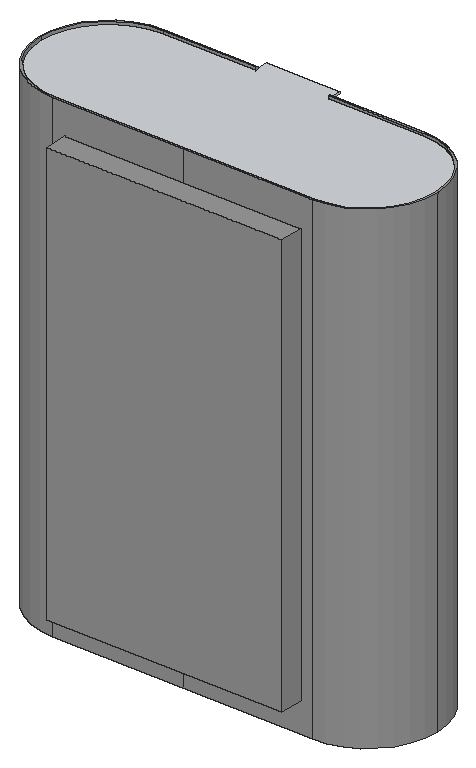
Revit family "3310 Bj+Ârk_Sanitary bin", category Furniture Systems, host Wall, Revit 2018
Family settings
  Host = Wall
  Round Connector Dimension = Use Diameter
  Part Type = Normal
  Always vertical = Yes
  Cut with Voids When Loaded = No
  Shared = No
  Room Calculation Point = No
Parameters (values of type "BLACK")
  Surface Top = RAL FARVE
  Surface Frame = RAL FARVE
  Surface Bottom = RAL FARVE
  Open = no
  Offset from floor = 150 mm
  Closed = yes
Reference planes
  plane 1 "Wall": y = 0
  plane 2 "Center (Left/Right)": x = 125
  plane 3 "Back": y = 75
Text (mm)
  text "Placement Side" at (-1848.837, 1116.779, 0), in view "Ref. Level"
  text "Placement side" at (0, 1409.804, 2854.306), in view "Left"
  text "Placement side" at (0, 499.811, 2980.732), in view "Right"
Dimensions and locks
  locked: plane 3 "Back" to host wall
  "Offset from floor": nested 1 to level
  aligned and locked: plane 1 "Wall" to host wall
  aligned and locked: plane 3 "Back" to nested 1
Nested families
  nested 1: "Master Björk Sanitary bin" at (125, 151.5, 150) x (-1, 0, 0) z (0, 0, 1), type "Master Björk Sanitary bin"
    with Open no
Definition of nested family "Master Björk Sanitary bin"
  Parameters (values of type "Master Björk Sanitary bin")
    Surface Top = none
    Surface Frame = none
    Surface Bottom = none
    Open = yes
    Closed = yes
  Reference planes
    plane 1 "Center (Front/Back)": y = 0
    plane 2: z = 0
    plane 3 "Center (Left/Right)": x = 0
  Dimensions and locks
    aligned and locked: level to plane 2
  Nested families
    nested 1: "Top - Bottom" at (0, 0, 0), visible <- "Closed", type "Top - Bottom"
    nested 2: "Frame" at (0, 0, 0), type "Frame"
    nested 3: "Top - Bottom Open" at (0, 0, 0), visible <- "Open", type "Top - Bottom Open"
  Definition of nested family "Top - Bottom"
    Parameters (values of type "Top - Bottom")
      Surface Frame = none
      Surface Bottom = none
    Reference planes
      plane 1 "Center (Front/Back)": y = 0
      plane 2: z = 0
      plane 3 "Center (Left/Right)": x = 0
    Forms (mm)
      Extrusion 1, solid, material <- "Surface Bottom"
        sketch origin (0, 129.723, 20) x (0, -1, 0) y (1, 0, 0)
          loop
            arc (73.723, -107.5) -> (90.125, -147.098) -> (129.723, -163.5) r 56
            arc (129.723, -163.5) -> (169.321, -147.098) -> (185.723, -107.5) r 56
            line (185.723, -107.5) -> (185.723, 107.5)
            arc (185.723, 107.5) -> (169.321, 147.098) -> (129.723, 163.5) r 56
            arc (129.723, 163.5) -> (90.125, 147.098) -> (73.723, 107.5) r 56
            line (73.723, 107.5) -> (73.723, -107.5)
        from 0 to 1.5
      Extrusion 2, solid
        sketch origin (0, 129.723, 396.5) x (0, -1, 0) y (1, 0, 0)
          loop
            arc (73.723, -107.5) -> (90.125, -147.098) -> (129.723, -163.5) r 56
            arc (129.723, -163.5) -> (169.321, -147.098) -> (185.723, -107.5) r 56
            line (185.723, -107.5) -> (185.723, -30) -> (197.223, -30) -> (197.223, 0) -> (197.223, 30) -> (185.723, 30) -> (185.723, 107.5)
            arc (185.723, 107.5) -> (169.321, 147.098) -> (129.723, 163.5) r 56
            arc (129.723, 163.5) -> (90.125, 147.098) -> (73.723, 107.5) r 56
            line (73.723, 107.5) -> (73.723, -107.5)
        from 0 to 1.5
    Lines and regions (mm)
      reference lines
        curve 1: line (0, 129.723, 396.5) -> (0, -190.277, 396.5)
        curve 2: line (0, 129.723, 20) -> (0, -150.277, 20)
    Dimensions and locks
      aligned and locked: level to plane 2
  Definition of nested family "Frame"
    Parameters (values of type "Frame")
      Surface Top = none
      Surface Frame = none
      Surface Bottom = none
    Reference planes
      plane 1 "Center (Front/Back)": y = 0
      plane 2: z = 0
      plane 3 "Center (Left/Right)": x = 0
    Forms (mm)
      Extrusion 1, solid, material <- "Surface Frame"
        sketch origin (0, 0, 0) x (1, 0, 0) y (0, 1, 0)
          loop
            line (0, 57.5) -> (-107.5, 57.5)
            arc (-107.5, 57.5) -> (-148.159, 40.659) -> (-165, 0) r 57.5
            arc (-165, 0) -> (-148.159, -40.659) -> (-107.5, -57.5) r 57.5
            line (-107.5, -57.5) -> (0, -57.5) -> (107.5, -57.5)
            arc (107.5, -57.5) -> (148.159, -40.659) -> (165, 0) r 57.5
            arc (165, 0) -> (148.159, 40.659) -> (107.5, 57.5) r 57.5
            line (107.5, 57.5) -> (0, 57.5)
          loop
            arc (-107.5, 56) -> (-147.098, 39.598) -> (-163.5, 0) r 56
            arc (-163.5, 0) -> (-147.098, -39.598) -> (-107.5, -56) r 56
            line (-107.5, -56) -> (107.5, -56)
            arc (107.5, -56) -> (147.098, -39.598) -> (163.5, 0) r 56
            arc (163.5, 0) -> (147.098, 39.598) -> (107.5, 56) r 56
            line (107.5, 56) -> (-107.5, 56)
        from 0 to 400
      Extrusion 2, solid, material <- "Surface Frame"
        sketch origin (0, 57.5, 0) x (-1, 0, 0) y (0, 0, 1)
          loop
            line (-97.5, 375) -> (-97.5, 25) -> (97.5, 25) -> (97.5, 375) -> (-97.5, 375)
        from 0 to 19
      Extrusion 3, void
        sketch origin (0, 0, 0) x (1, 0, 0) y (0, 1, 0)
          loop
            line (-30, -53.768) -> (-30, -68.768) -> (30, -68.768) -> (30, -53.768) -> (-30, -53.768)
        from 396.5 to 403.782
    Cuts and joins
      Extrusion 3 cuts Extrusion 1
    Dimensions and locks
      cut or joined group of Extrusion 1, Extrusion 3 to cut or joined group of Extrusion 1, Extrusion 3 = 3.5 mm
      aligned and locked: level to plane 2
  Definition of nested family "Top - Bottom Open"
    Parameters (values of type "Top - Bottom Open")
      Surface Frame = none
      Surface Bottom = none
    Reference planes
      plane 1 "Center (Front/Back)": y = 0
      plane 2: z = 0
      plane 3 "Center (Left/Right)": x = 0
    Forms (mm)
      Extrusion 1, solid, material <- "Surface Bottom"
        sketch origin (0, 129.723, 20) x (0, -1, 0) y (1, 0, 0)
          loop
            arc (73.723, -107.5) -> (90.125, -147.098) -> (129.723, -163.5) r 56
            arc (129.723, -163.5) -> (169.321, -147.098) -> (185.723, -107.5) r 56
            line (185.723, -107.5) -> (185.723, 107.5)
            arc (185.723, 107.5) -> (169.321, 147.098) -> (129.723, 163.5) r 56
            arc (129.723, 163.5) -> (90.125, 147.098) -> (73.723, 107.5) r 56
            line (73.723, 107.5) -> (73.723, -107.5)
        from 0 to 1.5
      Extrusion 2, solid
        sketch origin (0, 54.5, 324.277) x (0, 0, 1) y (1, 0, 0)
          loop
            arc (73.723, -107.5) -> (90.125, -147.098) -> (129.723, -163.5) r 56
            arc (129.723, -163.5) -> (169.321, -147.098) -> (185.723, -107.5) r 56
            line (185.723, -107.5) -> (185.723, -30) -> (197.223, -30) -> (197.223, 0) -> (197.223, 30) -> (185.723, 30) -> (185.723, 107.5)
            arc (185.723, 107.5) -> (169.321, 147.098) -> (129.723, 163.5) r 56
            arc (129.723, 163.5) -> (90.125, 147.098) -> (73.723, 107.5) r 56
            line (73.723, 107.5) -> (73.723, -107.5)
        from 0 to 1.5
    Lines and regions (mm)
      reference lines
        curve 1: line (0, 129.723, 396.5) -> (0, -190.277, 396.5)
        curve 2: line (0, 129.723, 20) -> (0, -150.277, 20)
    Dimensions and locks
      aligned and locked: level to plane 2
